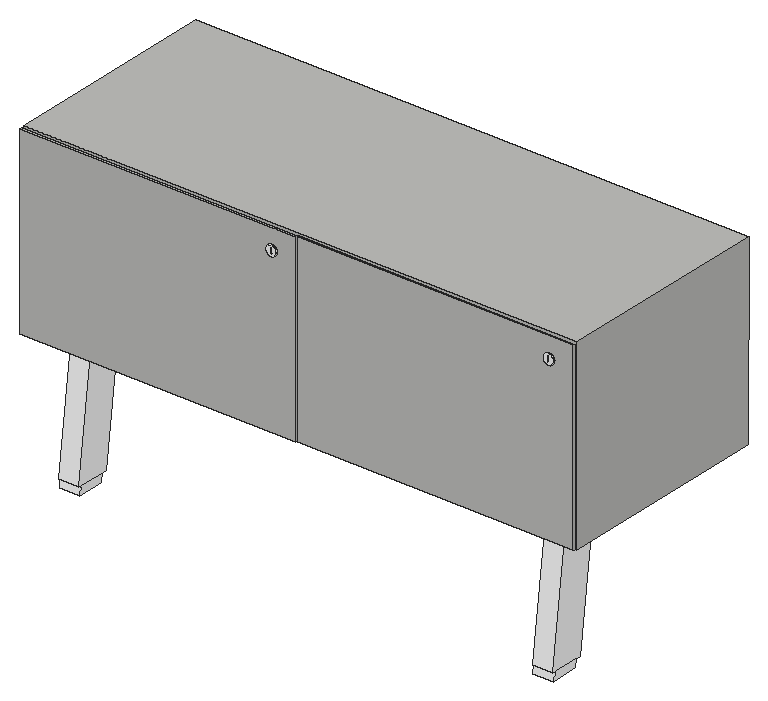
Revit family "Storage-Beam_Mounted-Teknion-JNBDF-Semi_Supsended_Credenza_Lateral_File-R2018", category Furniture, Revit 2018
Family settings
  OmniClass Number = 23.40.20.00
  OmniClass Title = General Furniture and Specialties
  Work Plane-Based = No
  Always vertical = Yes
  Cut with Voids When Loaded = No
  Shared = Yes
  Room Calculation Point = No
Parameters (values of type "Metal")
  Width [instance] = 42.000"
  Warranty = "http://www.teknion.com/ca/papers/legal-canada"
  Unit Weight URL = "http://www.teknion.com/ca/tools/assets#&asset=bee6a381-b954-425e-8283-5a2de3a804f2,f828d448-4b62-4231-9e5f-9a8991c0ed77"
  URL = "www.teknion.com"
  Sustainability Data = "http://www.teknion.com/ca/tools/assets#&topic=216f99a5-57a0-44fc-b10a-9dee9b29ae4c&asset=444deb64-fe58-4b68-981e-f75e97781df7"
  Single-Sided [instance] = not([Double-Sided])  # no
  Series = "Expansion Cityline"  # constant formula
  Separation Line (2D) [instance] = or(Width = 42.000", Width = 48.000")  # yes
  Separation Line [instance] = if(Width > 41.000", 2.000", 0.500")  # 2.000"
  Second Lock Visibility [instance] = or(Width = 42.000", Width = 48.000")  # yes
  Seat Pad Width [instance] = 24.000"
  Product Page URL = "http://www.teknion.com/ca/products/product-details?productlineid=9ad2a26e-8e7a-673b-a6c8-ff05004460c4"
  Product Line = "Expansion Cityline"  # constant formula
  Product Documentation Link = "http://www.teknion.com/pricing/expansion-cityline/pdfs/JNBDF_ppg.pdf"
  Seat Pad Note [instance] = "Please choose one of the following options below."  # constant formula
  Part Number = "JNBDF"  # constant formula
  Model = "JNBDFMA14____"
  Manufacturer Phone = "416-661-3370"  # constant formula
  Manufacturer Fax = "416.661.4586"  # constant formula
  Manufacturer Contact Information = "http://www.teknion.com/ca/contactus"
  Manufacturer Address = "1150 Flint Road, Toronto, ON. M3J 2J5. Canada"  # constant formula
  Manufacturer = "Teknion"  # constant formula
  Leg Paint Finish [instance] = Mica - Teknion - V - Satin - Very White
  Has Two Feet [instance] = yes
  Has Solid Front Style = not(Has Metal Front Style)  # no
  Has Right Seat Pad [instance] = no
  Has One Foot [instance] = not(Has Two Feet)  # no
  Has Metal Front Style = yes
  Has Left Seat Pad [instance] = no
  Front Finish = Source Laminate - Teknion - RV - Very White
  Front Drawer Depth [instance] = if(Has Metal Front Style, 0.118", 0.701")  # 0.118"
  Felt Finish [instance] = Fabric-Teknion-RB11-Carbon
  Double-Sided [instance] = yes
  Description = "Semi-Suspended Credenza - Lateral File, Metal Front, Angled Foot and Structural Leg Style, 14\" Case Height"
  Depth [instance] = 18.000"
  Case Finish [instance] = Source Laminate - Teknion - RV - Very White
  Available Widths [instance] = "24 to 72 inches in 6 inch increments."  # constant formula
  Available Seat Pad Widths [instance] = "24 to 48 inches in 6 inch increments."  # constant formula
  Available Depths [instance] = "18 and 24 inches."  # constant formula
  Assembly Code = "E2020200"
  Actual Width [instance] = if(Has One Foot, Width - 1.500", Width)  # 42.000"
  Actual Depth [instance] = if([Double-Sided], Depth - 1.693", Depth - 3.386")  # 16.307"
Types (2): name | Model | Has Solid Front Style | Has Metal Front Style | Front Drawer Depth | Description
  Metal | "JNBDFMA14____" | no | yes | 0.118" | "Semi-Suspended Credenza - Lateral File, Metal Front, Angled Foot and Structural Leg Style, 14\" Case Height"
  Solid | "JNBDFSA14____" | yes | no | 0.701" | "Semi-Suspended Credenza - Lateral File, Solid Front, Angled Foot and Structural Leg Style, 14\" Case Height"
Reference planes (in)
  plane 1 "Center Front/Back": y = 0.00004
  plane 2: z = 0
  plane 3 "Center Left/Right": x = -30
  plane 4 "Left": x = -51
  plane 5 "Right": x = -9
  plane 6 "Back": y = 8.15354
  plane 7 "Front": y = -8.15346
  plane 8 "Top": z = 24.12496
  plane 9: z = 10
  plane 10: y = -8.35031
  plane 11: y = -8.46831
  plane 12: x = -11.23228
  plane 13: x = -12.76772
  plane 14: x = -48.76772
  plane 15: x = -47.23228
  plane 16: y = -8.52745
  plane 17: y = -10.22308
Forms (in)
  Extrusion 1, solid, material "Source Laminate - Teknion - RV - Very White" <- "Case Finish"
    sketch origin (0, 0, 24.12496) x (-1, 0, 0) y (0, -1, 0)
      loop
        line (51, -8.15354) -> (51, 8.15346) -> (9, 8.15346) -> (9, -8.15354) -> (51, -8.15354)
    from 0 to -14.12496
  Extrusion 2, solid, material "Mica - Teknion - V - Satin - Very White" <- "Leg Paint Finish"
    sketch origin (-30, 0, 0) x (0, 1, 0) y (0, 0, 1)
      loop
        line (-7.61337, 0.60236) -> (-5.0918, 0.60236) -> (-3.85458, 10) -> (-6.37615, 10) -> (-7.61337, 0.60236)
    from 17.23228 to 18.76772
  Extrusion 3, solid, material "Mica - Teknion - V - Satin - Very White" <- "Leg Paint Finish"
    sketch origin (-30, 0, 0) x (0, 1, 0) y (0, 0, 1)
      loop
        line (-5.51965, 0) -> (-5.44035, 0.60236) -> (-7.47439, 0.60236) -> (-7.55369, 0) -> (-5.51965, 0)
    from 17.23228 to 18.76772
  Extrusion 4, solid, material "Mica - Teknion - V - Satin - Very White" <- "Leg Paint Finish", visible <- "Has Two Feet"
    sketch origin (-36, 0, 0) x (0, 1, 0) y (0, 0, -1)
      loop
        line (-7.61337, -0.60236) -> (-6.37615, -10) -> (-3.85458, -10) -> (-5.0918, -0.60236) -> (-7.61337, -0.60236)
    from 11.23228 to 12.76772
  Extrusion 5, solid, material "Mica - Teknion - V - Satin - Very White" <- "Leg Paint Finish", visible <- "Has Two Feet"
    sketch origin (-36, 0, 0) x (0, 1, 0) y (0, 0, -1)
      loop
        line (-5.51965, 0) -> (-7.55369, 0) -> (-7.47439, -0.60236) -> (-5.44035, -0.60236) -> (-5.51965, 0)
    from 11.23228 to 12.76772
  Extrusion 6, solid, material "Source Laminate - Teknion - RV - Very White" <- "Front Finish"
    sketch origin (0, -8.15346, 0) x (-1, 0, 0) y (0, 0, -1)
      loop
        line (9, -24.06591) -> (51, -24.06591) -> (51, -10.11811) -> (9, -10.11811) -> (9, -24.06591)
    from 0.19685 to 0.31485
  Extrusion 7, solid, material "Mica - Teknion - V - Satin - Very White"
    sketch origin (0, -8.15346, 0) x (-1, 0, 0) y (0, 0, -1)
      loop
        circle (10.82838, -22.4911) r 0.3922
      loop
        line (10.7815, -22.67811) -> (10.87993, -22.67811) -> (10.87993, -22.30409) -> (10.7815, -22.30409) -> (10.7815, -22.67811)
    from 0.31485 to 0.37399
  Extrusion 8, void
    sketch origin (0, -8.15346, 0) x (-1, 0, 0) y (0, 0, -1)
      loop
        line (29.94094, -10.11811) -> (29.94094, -24.06591) -> (30.05906, -24.06591) -> (30.05906, -10.11811) -> (29.94094, -10.11811)
    from 0.06963 to 2.06963
  Extrusion 9, solid, material "Mica - Teknion - V - Satin - Very White", visible <- "Second Lock Visibility"
    sketch origin (-42.72048, -8.15346, 0) x (1, 0, 0) y (0, 0, 1)
      loop
        circle (10.82838, 22.4911) r 0.3922
      loop
        line (10.7815, 22.67811) -> (10.7815, 22.30409) -> (10.87993, 22.30409) -> (10.87993, 22.67811) -> (10.7815, 22.67811)
    from 0.31485 to 0.37399
  Sweep 10, solid, material "Fabric-Teknion-RB11-Carbon" <- "Felt Finish", visible <- "Has Left Seat Pad"
    path origin (0, -8.15346, 0) x (-1, 0, 0) y (0, 0, 1)
      loop
        line (9, 24.12496) -> (9, 25.62496)
    profile origin (-9, -8.15346, 24.87496) x (-1, 0, 0) y (0, -1, 0)
      loop
        line (42, -16.307) -> (42, 0) -> (18, 0) -> (18, -16.307) -> (42, -16.307)
  Sweep 11, solid, material "Fabric-Teknion-RB11-Carbon" <- "Felt Finish", visible <- "Has Right Seat Pad"
    path origin (-60, -8.15346, 0) x (1, 0, 0) y (0, 0, 1)
      loop
        line (9, 24.12496) -> (9, 25.62496)
    profile origin (-51, -8.15346, 24.87496) x (-1, 0, 0) y (0, -1, 0)
      loop
        line (-42, -16.307) -> (-18, -16.307) -> (-18, 0) -> (-42, 0) -> (-42, -16.307)
Cuts and joins
  Extrusion 8 cuts Extrusion 6
Lines and regions (in)
  Masking region 1
    outline origin (0, 0, 24.12496) x (-1, 0, 0) y (0, -1, 0)
      loop
        line (9, -8.15354) -> (51, -8.15354) -> (51, 8.15346) -> (9, 8.15346) -> (9, -8.15354)
  Masking region 2
    outline origin (0, 0, 24.12496) x (-1, 0, 0) y (0, -1, 0)
      loop
        line (51, 8.35031) -> (51, 8.46831) -> (9, 8.46831) -> (9, 8.35031) -> (51, 8.35031)
  Masking region 3, visible <- "Second Lock Visibility"
    outline origin (0, 0, 24.12496) x (-1, 0, 0) y (0, -1, 0)
      loop
        line (31.4999, 8.46831) -> (32.28431, 8.46831) -> (32.28431, 8.52745) -> (31.4999, 8.52745) -> (31.4999, 8.46831)
  Masking region 4
    outline origin (0, 0, 24.12496) x (-1, 0, 0) y (0, -1, 0)
      loop
        line (11.22058, 8.52745) -> (10.43617, 8.52745) -> (10.43617, 8.46831) -> (11.22058, 8.46831) -> (11.22058, 8.52745)
  symbolic lines, style "FurnitureHiddenLines", visible <- "Has Two Feet", detail levels medium+fine
    curve 1: line (-47.23228, -7.61337, 24.12496) -> (-47.23228, -3.85458, 24.12496)
    curve 2: line (-48.76772, -3.85458, 24.12496) -> (-47.23228, -3.85458, 24.12496)
    curve 3: line (-48.76772, -7.61337, 24.12496) -> (-48.76772, -3.85458, 24.12496)
    curve 4: line (-48.76772, -7.61337, 24.12496) -> (-47.23228, -7.61337, 24.12496)
  symbolic lines, style "FurnitureHiddenLines", visible <- "Has Two Feet", detail levels fine
    curve 5: line (-48.76772, -7.55369, 24.12496) -> (-47.23228, -7.55369, 24.12496)
    curve 6: line (-47.23228, -5.44035, 24.12496) -> (-48.76772, -5.44035, 24.12496)
  symbolic lines, style "FurnitureHiddenLines", detail levels medium+fine
    curve 7: line (-12.76772, -3.85458, 24.12496) -> (-11.23228, -3.85458, 24.12496)
    curve 8: line (-11.23228, -7.61337, 24.12496) -> (-11.23228, -3.85458, 24.12496)
    curve 9: line (-12.76772, -7.61337, 24.12496) -> (-11.23228, -7.61337, 24.12496)
    curve 10: line (-12.76772, -7.61337, 24.12496) -> (-12.76772, -3.85458, 24.12496)
  symbolic lines, style "FurnitureHiddenLines", detail levels fine
    curve 11: line (-11.23228, -5.44035, 24.12496) -> (-12.76772, -5.44035, 24.12496)
    curve 12: line (-12.76772, -5.44035, 24.12496) -> (-12.76772, -7.47439, 24.12496)
    curve 13: line (-12.76772, -7.47439, 24.12496) -> (-11.23228, -7.47439, 24.12496)
    curve 14: line (-11.23228, -7.47439, 24.12496) -> (-11.23228, -5.44035, 24.12496)
  symbolic lines, visible <- "Separation Line (2D)"
    curve 15: line (-30.05906, -8.35031, 24.12496) -> (-30.05906, -8.46831, 24.12496)
    curve 16: line (-29.94094, -8.46831, 24.12496) -> (-29.94094, -8.35031, 24.12496)
  symbolic lines, visible <- "Has Left Seat Pad", detail levels fine
    curve 17: line (-27, -8.15346, 24.12496) -> (-27, 8.15354, 24.12496)
  symbolic lines, visible <- "Has Right Seat Pad", detail levels fine
    curve 18: line (-33, 8.15354, 24.12496) -> (-33, -8.15346, 24.12496)
  reference lines
    curve 19: line (-51, 8.15354, 0) -> (-51, -10.22308, 0)
    curve 20: line (-9, 8.15354, 0) -> (-9, -10.22308, 0)
Dimensions and locks (in)
  equal spacing: plane 4 "Left", plane 3 "Center Left/Right", plane 5 "Right"
  "Actual Depth": plane 6 "Back" to plane 7 "Front"
  plane 8 "Top" to level = 24.12496"
  "Actual Width": plane 4 "Left" to plane 5 "Right"
  equal spacing: plane 6 "Back", plane 1 "Center Front/Back", plane 7 "Front"
  locked: plane 8 "Top" to plane 9 at 14.12496
  Extrusion 2 sketch curve to Extrusion 2 sketch curve to Extrusion 2 sketch curve to Extrusion 2 sketch curve to plane 7 "Front" = 1.23722" locked, 1.28435" locked, 1.23722" locked, 0.54009" locked
  locked: Extrusion 2 sketch curve to plane 2 at 0.60236
  Extrusion 3 sketch curve to Extrusion 3 sketch curve to Extrusion 3 sketch curve to Extrusion 3 sketch curve to plane 7 "Front" = 0.0793" locked, 1.95473" locked, 0.0793" locked, 0.59977" locked
  plane 13 to plane 12 to plane 5 "Right" = 1.53543" locked, 2.23228" locked
  locked: plane 10 to plane 7 "Front" at 0.19685
  "Front Drawer Depth": plane 10 to plane 11
  Extrusion 4 sketch curve to Extrusion 4 sketch curve to Extrusion 4 sketch curve to Extrusion 4 sketch curve to plane 7 "Front" = 1.23722" locked, 1.28435" locked, 1.23722" locked, 0.54009" locked
  Extrusion 5 sketch curve to Extrusion 5 sketch curve to Extrusion 5 sketch curve to Extrusion 5 sketch curve to plane 7 "Front" = 0.0793" locked, 1.95473" locked, 0.0793" locked, 0.59977" locked
  plane 15 to plane 14 to plane 4 "Left" = 1.53543" locked, 2.23228" locked
  locked: Extrusion 4 sketch curve to plane 2 at 0.60236
  locked: Extrusion 5 sketch curve to plane 2 at 0.60236
  locked: plane 8 "Top" to Extrusion 6 sketch curve at 0.05906
  locked: Extrusion 6 sketch curve to plane 2 at 10.11811
  locked: Extrusion 7 sketch curve to plane 5 "Right" at 1.82838
  locked: plane 8 "Top" to Extrusion 7 sketch curve at 1.63386
  Extrusion 7 sketch curve to Extrusion 7 sketch curve to plane 5 "Right" = 0.09843" locked, 1.7815" locked
  plane 8 "Top" to Extrusion 7 sketch curve to Extrusion 7 sketch curve = 1.44685" locked, 0.37402" locked
  locked: plane 11 to plane 16 at 0.05914
  locked: plane 7 "Front" to plane 17 at 2.06963
  "Separation Line": Extrusion 8 to plane 17
  plane 3 "Center Left/Right" to Extrusion 9 sketch curve to Extrusion 9 sketch curve = 1.84055" locked, 0.09843" locked
  plane 8 "Top" to Extrusion 9 sketch curve to Extrusion 9 sketch curve = 1.44685" locked, 0.37402" locked
  locked: plane 11 to Extrusion 9 at 0.05914
  locked: Masking region 3 sketch curve to plane 11 at 0.05914
  Sweep 10 sketch curve to plane 8 "Top" = 1.500"
  "Seat Pad Width": plane 4 "Left" to Sweep 10 sketch curve
  "Seat Pad Width": Sweep 11 sketch curve to plane 5 "Right"
  locked: Sweep 11 sketch curve to plane 8 "Top" at 1.5
  aligned and locked: level to plane 2
  aligned and locked: Extrusion 1 sketch curve to plane 4 "Left"
  aligned and locked: Extrusion 1 sketch curve to plane 6 "Back"
  aligned and locked: Extrusion 1 sketch curve to plane 5 "Right"
  aligned and locked: Extrusion 1 sketch curve to plane 7 "Front"
  aligned and locked: Extrusion 1 to plane 9
  aligned and locked: Extrusion 1 to plane 8 "Top"
  aligned and locked: plane 9 to Extrusion 2 sketch curve
  aligned and locked: plane 2 to Extrusion 3 sketch curve
  aligned and locked: Extrusion 2 to plane 12
  aligned and locked: plane 13 to Extrusion 2
  aligned and locked: Extrusion 3 to plane 12
  aligned and locked: plane 13 to Extrusion 3
  aligned and locked: plane 14 to Extrusion 4
  aligned and locked: Extrusion 4 to plane 15
  aligned and locked: plane 14 to Extrusion 5
  aligned and locked: Extrusion 5 to plane 15
  aligned and locked: Extrusion 4 sketch curve to plane 9
  aligned and locked: Extrusion 5 sketch curve to plane 2
  aligned and locked: Extrusion 6 sketch curve to plane 5 "Right"
  aligned and locked: Extrusion 6 sketch curve to plane 4 "Left"
  aligned and locked: Extrusion 6 to plane 10
  aligned and locked: Extrusion 6 to plane 11
  aligned and locked: Extrusion 7 to plane 11
  aligned and locked: plane 16 to Extrusion 7
  aligned and locked: plane 11 to Extrusion 7
  aligned and locked: plane 17 to Extrusion 8
  aligned and locked: plane 11 to Extrusion 9
  aligned and locked: plane 16 to Extrusion 9
  aligned and locked: Masking region 1 sketch curve to Extrusion 1  (x4)
  aligned and locked: Masking region 3 sketch curve to Extrusion 9  (x3)
  aligned and locked: Masking region 4 sketch curve to Extrusion 7  (x3)
  aligned and locked: plane 15 to curve 1
  aligned and locked: curve 2 to Extrusion 4
  aligned and locked: plane 14 to curve 3
  aligned and locked: curve 4 to Extrusion 4
  aligned and locked: curve 5 to Extrusion 5
  aligned and locked: curve 6 to Extrusion 5
  aligned and locked: curve 7 to Extrusion 2
  aligned and locked: curve 8 to plane 12
  aligned and locked: curve 9 to Extrusion 2
  aligned and locked: curve 10 to plane 13
  aligned and locked: curve 11 to Extrusion 3
  aligned and locked: curve 12 to Extrusion 3
  aligned and locked: curve 13 to Extrusion 3
  aligned and locked: Extrusion 3 to curve 14
  aligned and locked: Sweep 10 sketch curve to plane 8 "Top"
  aligned and locked: plane 4 "Left" to Sweep 10 sketch curve
  aligned and locked: Sweep 10 sketch curve to plane 6 "Back"
  aligned and locked: Sweep 10 sketch curve to plane 7 "Front"
  aligned and locked: Sweep 11 sketch curve to plane 5 "Right"
  aligned and locked: Sweep 11 sketch curve to plane 6 "Back"
  aligned and locked: plane 7 "Front" to Sweep 11 sketch curve
  aligned and locked: plane 8 "Top" to Sweep 11 sketch curve
  aligned and locked: curve 17 to Sweep 10
  aligned and locked: curve 18 to Sweep 11
  aligned and locked: Extrusion 6 to Extrusion 8  (x2)
  aligned and locked: curve 19 to plane 4 "Left"
  aligned and locked: curve 20 to plane 5 "Right"
Automatic sketch dimensions
  level to Extrusion 3 sketch curve = 0.60236"
  Extrusion 8 sketch curve to plane 3 "Center Left/Right" = 0.05906"
  plane 3 "Center Left/Right" to Extrusion 8 sketch curve = 0.05906"
  plane 9 to Extrusion 8 sketch curve = 0.11811"
  plane 8 "Top" to Extrusion 8 sketch curve = 0.05906"
  Extrusion 9 sketch curve to Extrusion 9 sketch curve = 0.04687"
  Extrusion 9 sketch curve to Extrusion 9 sketch curve = 0.18701"
  plane 11 to Masking region 4 sketch curve = 0.000"
  curve 5 to plane 15 = 0.000"
  curve 5 to plane 14 = 0.000"
  curve 16 to plane 10 = 0.000"
  curve 15 to plane 10 = 0.000"
  curve 16 to plane 11 = 0.000"
  curve 15 to plane 11 = 0.000"
  curve 17 to plane 6 "Back" = 0.000"
  plane 7 "Front" to curve 17 = 0.000"
  curve 18 to plane 6 "Back" = 0.000"
  plane 7 "Front" to curve 18 = 0.000"
  Masking region 2 sketch curve to plane 5 "Right" = 0.000"
  Masking region 2 sketch curve to plane 4 "Left" = 0.000"
  plane 10 to Masking region 2 sketch curve = 0.000"
  Masking region 2 sketch curve to plane 11 = 0.000"
  plane 3 "Center Left/Right" to curve 16 = 0.05906"
  curve 15 to plane 3 "Center Left/Right" = 0.05906"
  Sweep 10 sketch curve to plane 5 "Right" = 0.000"
  Sweep 11 sketch curve to plane 4 "Left" = 0.000"
  plane 17 to curve 20 = 0.000"
  plane 6 "Back" to curve 20 = 0.000"
  plane 17 to curve 19 = 0.000"
  curve 19 to plane 6 "Back" = 0.000"
  radius of Extrusion 7 sketch curve = 0.3922"
  radius of Extrusion 9 sketch curve = 0.3922"
